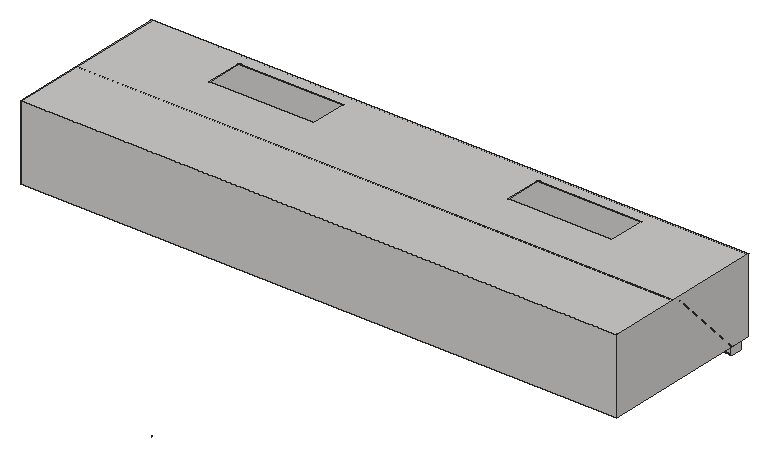
Revit family "QF_ELECTROLUXPROFESSIONAL_642022_EP1140T", category Attrezzature speciali, Revit 2021
Family settings
  Quota connettore circolare = Usa diametro
  Tipo di parte = Normale
  Basato su piano di lavoro = No
  Sempre verticale = Sì
  Taglio con vuoti quando caricato = No
  Condiviso = No
  Punto di calcolo locali = No
Parameters (values of type "Standard")
  Weight = 94.00 kg
  Watts = 0 W
  Volts = 0 V
  URL Manufacturer = "https://www.electroluxprofessional.com/"
  URL = "https://www.electroluxprofessional.com/"
  Steam Supply Size = 0 mm
  Steam Supply Minimum Pressure = 0.0 Pa
  Steam Supply Maximum Pressure = 0.0 Pa
  Steam Consumption per Hour = 0
  Refrigeration Suction Line Size = 0 mm
  Refrigeration Liquid Line Size = 0 mm
  Refrigerant Compressor Remote = yes
  Prospetto di default = 0 mm
  Produttore = "Electrolux Professional"
  Phase = 0
  Modello = "EP1140T"
  Length Actual = 4000 mm  # constant formula
  Item Number = "642022"
  Hot Water Size = 0 mm
  Height Actual = 500 mm  # constant formula
  HP = "0 HP"
  Gas Size = 0 mm
  Gas KW = 0
  Gas Input Pressure = 0 W
  Direct Waste Size = 0 mm
  Descrizione = "304 S/S WALL HOOD+FILTERS 4000X1100MM"
  Depth Actual = 1100 mm  # constant formula
  Cycle = 0 Hz
  Condensate Return Size = 0 mm
  Compressed Air Volume = 0.0 L/s
  Compressed Air Size = 0 mm
  Compressed Air Pressure = 0.0 Pa
  Cold Water Size = 0 mm
  Accessory = yes
Reference planes
  plane 1 "Center (Front/Back)": y = 0
  plane 2: z = 0
  plane 3 "Center (Left/Right)": x = 150
  plane 4 "LEFT": x = -1850
  plane 5 "RIGHT": x = 2150
  plane 6 "BACK": y = 550
  plane 7 "FRONT": y = -550
  plane 8 "TOP": z = 2500
  plane 9 "Base": z = 2000
  plane 10: z = 1926
  plane 11 "DrainY": y = 485
  plane 12: x = -1847
  plane 13: through (0, 414.509, 2000.8) normal (0, 0.7314, 0.682)
  plane 14: y = 470
  plane 15: y = 220
  plane 16 "DrainX": x = 2030
  plane 17: x = -500
  plane 18: x = 800
  plane 19: x = -1200
  plane 20: x = 1500
  plane 21: x = 2147
  plane 22: x = 1940
  plane 23: x = 2120
  plane 24: x = -1810
  plane 25: x = -1445
  plane 26: x = -1050
  plane 27: x = 2110
  plane 28: x = 1745
  plane 29: x = 1350
  plane 30: x = -47.5
  plane 31: x = 347.5
Forms (mm)
  Extrusion 1, solid, material "QF_Finishes_Stainless Steel"
    sketch origin (-1850, 0, 360) x (0, 1, 0) y (0, 0, 1)
      loop
        line (550, 1640) -> (550, 2140) -> (-550, 2140) -> (-550, 1640) -> (550, 1640)
    from 0 to 3
  Extrusion 2, solid, material "QF_Finishes_Stainless Steel"
    sketch origin (150, 0, 360) x (0, 1, 0) y (0, 0, 1)
      loop
        line (415.255, 1640) -> (550, 1640) -> (550, 2139.19) -> (549.2, 2139.19) -> (549.2, 1640.8) -> (415.876, 1640.8) -> (339.347, 1722.867) -> (349.609, 1732.436) -> (348.927, 1733.167) -> (337.934, 1722.917) -> (415.255, 1640)
      loop
        line (-82.203, 2139.19) -> (-82.203, 2118.6) -> (-31.047, 2118.6) -> (34.354, 2048.466) -> (46.028, 2059.352) -> (45.346, 2060.083) -> (34.403, 2049.879) -> (-30.612, 2119.6) -> (-81.203, 2119.6) -> (-81.203, 2139.19) -> (-82.203, 2139.19)
    from -1997 to 1997
  Extrusion 3, solid, material "QF_Finishes_Stainless Steel"
    sketch origin (2150, 0, 360) x (0, 1, 0) y (0, 0, 1)
      loop
        line (550, 1640) -> (550, 2140) -> (-550, 2140) -> (-550, 1640) -> (550, 1640)
    from 0 to -3
  Extrusion 4, solid, material "QF_Finishes_Stainless Steel"
    sketch origin (150, 0, 360) x (0, 1, 0) y (0, 0, 1)
      loop
        line (-550, 2140) -> (-550, 1640) -> (-549.2, 1640) -> (-549.2, 2139.19) -> (550, 2139.19) -> (550, 2140) -> (-550, 2140)
    from -2000 to 2000
  Extrusion 5, solid, material "QF_Finishes_Stainless Steel"
    sketch origin (150, 0, 360) x (0, 1, 0) y (0, 0, 1)
      loop
        line (534, 1640) -> (436, 1640) -> (436, 1627) -> (443.5, 1627) -> (443.5, 1576)
        arc (443.5, 1576) -> (446.429, 1568.929) -> (453.5, 1566) r 10
        line (453.5, 1566) -> (516.5, 1566)
        arc (516.5, 1566) -> (523.571, 1568.929) -> (526.5, 1576) r 10
        line (526.5, 1576) -> (526.5, 1627) -> (534, 1627) -> (534, 1640)
    from 1790 to 1970
  Extrusion 6, solid, material "QF_Finishes_Stainless Steel"
    sketch origin (0, 0, 2000) x (0, 1, 0) y (-1, 0, 0)
      loop
        circle (485, -2030) r 20
    from -76 to -74
  Extrusion 7, solid, material "QF_Finished_Chrome"
    sketch origin (150, 0, 360) x (0, 1, 0) y (0, 0, 1)
      loop
        line (337.934, 1722.917) -> (341.591, 1726.327) -> (38.011, 2051.876) -> (34.354, 2048.466) -> (337.934, 1722.917)
    from -1595 to -1960
  Extrusion 8, solid, material "QF_Finished_Chrome"
    sketch origin (150, 0, 360) x (0, 1, 0) y (0, 0, 1)
      loop
        line (337.934, 1722.917) -> (341.591, 1726.327) -> (38.011, 2051.876) -> (34.354, 2048.466) -> (337.934, 1722.917)
    from -197.5 to -1200
  Extrusion 9, solid, material "QF_Finishes_Stainless Steel"
    sketch origin (150, 0, 360) x (0, 1, 0) y (0, 0, 1)
      loop
        line (337.934, 1722.917) -> (341.591, 1726.327) -> (38.011, 2051.876) -> (34.354, 2048.466) -> (337.934, 1722.917)
    from 1997 to 1960
  Extrusion 10, solid, material "QF_Finishes_Stainless Steel"
    sketch origin (150, 0, 360) x (0, 1, 0) y (0, 0, 1)
      loop
        line (341.588, 1726.324) -> (38.009, 2051.874) -> (34.354, 2048.466) -> (337.934, 1722.917) -> (341.588, 1726.324)
    from -1595 to -1200
  Extrusion 11, solid, material "QF_Finished_Chrome"
    sketch origin (150, 0, 360) x (0, 1, 0) y (0, 0, 1)
      loop
        line (341.588, 1726.324) -> (38.009, 2051.874) -> (34.354, 2048.466) -> (337.934, 1722.917) -> (341.588, 1726.324)
    from 1595 to 1960
  Extrusion 12, void
    sketch origin (0, 0, 2500) x (0, 1, 0) y (-1, 0, 0)
      loop
        line (470, 1200) -> (220, 1200) -> (220, 500) -> (470, 500) -> (470, 1200)
    from 0 to -10
  Extrusion 13, void
    sketch origin (940, 0, 2500) x (0, 1, 0) y (-1, 0, 0)
      loop
        line (470, 140) -> (220, 140) -> (220, -560) -> (470, -560) -> (470, 140)
    from 0 to -10
  Extrusion 14, solid, material "QF_Finishes_Stainless Steel"
    sketch origin (0, 0, 0) x (1, 0, 0) y (0, 1, 0)
      loop
        line (-1850, 550) -> (-1850, 549) -> (-1849, 549) -> (-1849, 550) -> (-1850, 550)
    from 0 to 1
  Extrusion 15, solid, material "QF_Finishes_Stainless Steel"
    sketch origin (150, 0, 360) x (0, 1, 0) y (0, 0, 1)
      loop
        line (337.934, 1722.917) -> (341.591, 1726.327) -> (38.011, 2051.876) -> (34.354, 2048.466) -> (337.934, 1722.917)
    from -1960 to -1997
  Extrusion 16, solid, material "QF_Finishes_Stainless Steel"
    sketch origin (150, 0, 360) x (0, 1, 0) y (0, 0, -1)
      loop
        line (341.588, -1726.324) -> (337.934, -1722.917) -> (34.354, -2048.466) -> (38.009, -2051.874) -> (341.588, -1726.324)
    from -1595 to -1200
  Extrusion 17, solid, material "QF_Finished_Chrome"
    sketch origin (150, 0, 360) x (0, 1, 0) y (0, 0, 1)
      loop
        line (337.934, 1722.917) -> (341.591, 1726.327) -> (38.011, 2051.876) -> (34.354, 2048.466) -> (337.934, 1722.917)
    from 1200 to 197.5
  Extrusion 18, solid, material "QF_Finishes_Stainless Steel"
    sketch origin (150, 0, 360) x (0, 1, 0) y (0, 0, -1)
      loop
        line (341.588, -1726.324) -> (337.934, -1722.917) -> (34.354, -2048.466) -> (38.009, -2051.874) -> (341.588, -1726.324)
    from -197.5 to 197.5
Cuts and joins
  Extrusion 12, Extrusion 13 cuts Extrusion 4
  joined: Extrusion 2, Extrusion 4
Lines and regions (mm)
  reference lines
    curve 1: line (150, 34.354, 2408.466) -> (150, 34.354, 2248.466)
  symbolic lines, style "SpecialityEquipment", detail levels coarse
    curve 2: line (2150, 550, 2500) -> (-1850, 550, 2500)
    curve 3: line (-1850, 550, 2500) -> (-1850, -550, 2500)
    curve 4: line (2150, -550, 2500) -> (2150, 550, 2500)
    curve 5: line (-1850, -550, 2500) -> (2150, -550, 2500)
    curve 6: line (-1200, 220, 2500) -> (-500, 220, 2500)
    curve 7: line (-1200, 470, 2500) -> (-1200, 220, 2500)
    curve 8: line (-500, 470, 2500) -> (-1200, 470, 2500)
    curve 9: line (-500, 220, 2500) -> (-500, 470, 2500)
    curve 10: line (800, 470, 2500) -> (800, 220, 2500)
    curve 11: line (800, 220, 2500) -> (1500, 220, 2500)
    curve 12: line (1500, 470, 2500) -> (800, 470, 2500)
    curve 13: line (1500, 220, 2500) -> (1500, 470, 2500)
    curve 14: line (-1850, 550, 0) -> (2150, -550, 0)
    curve 15: line (2150, 550, 0) -> (-1850, -550, 0)
Dimensions and locks
  plane 4 "LEFT" to plane 5 "RIGHT" = 4000 mm
  equal spacing: plane 4 "LEFT", plane 3 "Center (Left/Right)", plane 5 "RIGHT"
  plane 9 "Base" to plane 10 = 74 mm
  plane 6 "BACK" to plane 11 "DrainY" = 65 mm  (x2)
  plane 4 "LEFT" to plane 12 = 3 mm
  plane 6 "BACK" to plane 14 = 80 mm
  plane 14 to plane 15 = 250 mm  (x2)
  plane 16 "DrainX" to plane 5 "RIGHT" = 120 mm
  locked: plane 17 to plane 18 at 1300
  equal spacing: plane 17, plane 3 "Center (Left/Right)", plane 18
  plane 19 to plane 17 = 700 mm
  plane 18 to plane 20 = 700 mm
  plane 21 to plane 5 "RIGHT" = 3 mm
  locked: plane 22 to plane 16 "DrainX" at 90
  locked: plane 16 "DrainX" to plane 23 at 90
  plane 6 "BACK" to plane 7 "FRONT" = 1100 mm  (x2)
  equal spacing: plane 6 "BACK", plane 1 "Center (Front/Back)", plane 7 "FRONT"
  plane 15 to plane 7 "FRONT" = 770 mm
  plane 14 to plane 6 "BACK" = 80 mm
  locked: plane 4 "LEFT" to plane 24 at 40
  locked: plane 24 to plane 25 at 365
  locked: plane 25 to plane 26 at 395
  locked: plane 27 to plane 28 at 365
  locked: plane 28 to plane 29 at 395
  locked: plane 27 to plane 5 "RIGHT" at 40
  locked: plane 30 to plane 31 at 395
  equal spacing: plane 30, plane 3 "Center (Left/Right)", plane 31
  plane 26 to plane 30 = 1002.5 mm
  plane 31 to plane 29 = 1002.5 mm
  locked: plane 9 "Base" to level at 2000
  locked: plane 8 "TOP" to plane 9 "Base" at 500
  aligned and locked: level to plane 2
  aligned and locked: Extrusion 2 to Extrusion 1
  aligned and locked: Extrusion 2 to Extrusion 3
  aligned and locked: plane 5 "RIGHT" to Extrusion 4
  aligned and locked: Extrusion 4 to plane 4 "LEFT"
  aligned and locked: plane 21 to Extrusion 9
  aligned and locked: plane 19 to Extrusion 12
  aligned and locked: Extrusion 12 to plane 17
  aligned and locked: Extrusion 12 to plane 15
  aligned and locked: Extrusion 12 to plane 14
  aligned and locked: Extrusion 13 to plane 20
  aligned and locked: plane 18 to Extrusion 13
  aligned and locked: Extrusion 2 to Extrusion 4
  aligned and locked: plane 23 to Extrusion 5
  aligned and locked: Extrusion 5 to plane 22
  aligned and locked: Extrusion 9 to plane 27
  aligned and locked: Extrusion 11 to plane 27
  aligned and locked: Extrusion 11 to plane 28
  aligned and locked: Extrusion 8 to plane 26
  aligned and locked: plane 26 to Extrusion 10
  aligned and locked: Extrusion 10 to plane 25
  aligned and locked: plane 25 to Extrusion 7
  aligned and locked: Extrusion 7 to plane 24
  aligned and locked: Extrusion 15 to plane 12
  aligned and locked: plane 24 to Extrusion 15
  aligned and locked: Extrusion 16 to plane 29
  aligned and locked: Extrusion 16 to plane 28
  aligned and locked: Extrusion 3 to plane 21
  aligned and locked: plane 30 to Extrusion 8
  aligned and locked: Extrusion 17 to plane 29
  aligned and locked: Extrusion 17 to plane 31
  aligned and locked: plane 31 to Extrusion 18
  aligned and locked: Extrusion 18 to plane 30
Automatic sketch dimensions
  curve 5 to plane 4 "LEFT" = 0 mm
  curve 5 to plane 7 "FRONT" = 0 mm
  curve 9 to plane 15 = 0 mm
  curve 10 to plane 15 = 0 mm
  plane 14 to curve 8 = 0 mm
  plane 14 to curve 12 = 0 mm
  curve 3 to plane 6 "BACK" = 0 mm
  curve 5 to plane 5 "RIGHT" = 0 mm
  curve 11 to plane 20 = 0 mm
  curve 10 to plane 18 = 0 mm
  curve 6 to plane 17 = 0 mm
  curve 6 to plane 19 = 0 mm
  Extrusion 1 sketch curve to plane 9 "Base" = 0 mm
  Extrusion 1 sketch curve to plane 6 "BACK" = 0 mm
  Extrusion 1 sketch curve to plane 8 "TOP" = 0 mm
  Extrusion 2 sketch curve to plane 13 = 0 mm  (x3)
  Extrusion 2 sketch curve to plane 9 "Base" = 0 mm
  plane 13 to Extrusion 2 sketch curve = 0 mm
  Extrusion 2 sketch curve to plane 6 "BACK" = 0 mm
  Extrusion 2 sketch curve to Extrusion 2 sketch curve = 65.646 mm
  Extrusion 2 sketch curve to Extrusion 2 sketch curve = 0.682 mm  (x2)
  Extrusion 2 sketch curve to Extrusion 2 sketch curve = 10.261 mm
  plane 9 "Base" to Extrusion 2 sketch curve = 82.917 mm
  Extrusion 2 sketch curve to plane 1 "Center (Front/Back)" = 46.028 mm
  Extrusion 2 sketch curve to Extrusion 2 sketch curve = 10.942 mm
  Extrusion 2 sketch curve to Extrusion 2 sketch curve = 0.049 mm
  Extrusion 2 sketch curve to plane 8 "TOP" = 20.4 mm
  Extrusion 2 sketch curve to plane 8 "TOP" = 21.4 mm
  Extrusion 2 sketch curve to plane 8 "TOP" = 0.81 mm  (x2)
  Extrusion 2 sketch curve to Extrusion 2 sketch curve = 50.156 mm
  Extrusion 2 sketch curve to Extrusion 2 sketch curve = 1 mm
  plane 9 "Base" to Extrusion 2 sketch curve = 0.8 mm
  Extrusion 2 sketch curve to plane 6 "BACK" = 0.8 mm
  Extrusion 3 sketch curve to plane 9 "Base" = 0 mm
  Extrusion 3 sketch curve to plane 6 "BACK" = 0 mm
  Extrusion 3 sketch curve to plane 8 "TOP" = 0 mm
  Extrusion 4 sketch curve to plane 7 "FRONT" = 0 mm
  Extrusion 4 sketch curve to plane 6 "BACK" = 0 mm
  Extrusion 4 sketch curve to plane 8 "TOP" = 0 mm
  plane 7 "FRONT" to Extrusion 4 sketch curve = 0.8 mm
  Extrusion 4 sketch curve to plane 8 "TOP" = 0.81 mm
  curve 1 to plane 13 = 0 mm
  curve 1 to plane 1 "Center (Front/Back)" = 34.354 mm
  Extrusion 5 sketch curve to plane 9 "Base" = 0 mm
  Extrusion 5 sketch curve to plane 10 = 0 mm
  Extrusion 5 sketch curve to plane 9 "Base" = 13 mm  (x2)
  plane 14 to Extrusion 5 sketch curve = 34 mm
  Extrusion 5 sketch curve to Extrusion 5 sketch curve = 7.5 mm  (x2)
  Extrusion 5 sketch curve to Extrusion 5 sketch curve = 10 mm
  plane 11 "DrainY" to Extrusion 5 sketch curve = 31.5 mm
  Extrusion 5 sketch curve to plane 6 "BACK" = 23.5 mm
  Extrusion 6 sketch curve to plane 11 "DrainY" = 0 mm
  Extrusion 6 sketch curve to plane 16 "DrainX" = 0 mm
  Extrusion 7 sketch curve to plane 13 = 0 mm  (x2)
  Extrusion 7 sketch curve to plane 1 "Center (Front/Back)" = 34.354 mm
  Extrusion 7 sketch curve to Extrusion 7 sketch curve = 3.657 mm
  plane 9 "Base" to Extrusion 7 sketch curve = 82.917 mm
  Extrusion 8 sketch curve to plane 13 = 0 mm  (x2)
  Extrusion 8 sketch curve to plane 1 "Center (Front/Back)" = 34.354 mm
  Extrusion 8 sketch curve to Extrusion 8 sketch curve = 3.657 mm
  plane 9 "Base" to Extrusion 8 sketch curve = 82.917 mm
  Extrusion 9 sketch curve to plane 13 = 0 mm  (x2)
  Extrusion 9 sketch curve to plane 1 "Center (Front/Back)" = 34.354 mm
  Extrusion 9 sketch curve to Extrusion 9 sketch curve = 3.657 mm
  plane 9 "Base" to Extrusion 9 sketch curve = 82.917 mm
  Extrusion 10 sketch curve to plane 13 = 0 mm  (x2)
  Extrusion 10 sketch curve to plane 1 "Center (Front/Back)" = 34.354 mm
  Extrusion 10 sketch curve to Extrusion 10 sketch curve = 3.655 mm
  plane 9 "Base" to Extrusion 10 sketch curve = 82.917 mm
  Extrusion 11 sketch curve to plane 13 = 0 mm  (x2)
  Extrusion 11 sketch curve to plane 1 "Center (Front/Back)" = 34.354 mm
  Extrusion 11 sketch curve to Extrusion 11 sketch curve = 3.655 mm
  plane 9 "Base" to Extrusion 11 sketch curve = 82.917 mm
  Extrusion 12 sketch curve to plane 15 = 0 mm
  plane 14 to Extrusion 12 sketch curve = 0 mm
  Extrusion 12 sketch curve to plane 17 = 0 mm
  Extrusion 12 sketch curve to plane 19 = 0 mm
  Extrusion 13 sketch curve to plane 15 = 0 mm
  plane 14 to Extrusion 13 sketch curve = 0 mm
  Extrusion 13 sketch curve to plane 20 = 0 mm
  Extrusion 13 sketch curve to plane 18 = 0 mm
  Extrusion 14 sketch curve to plane 4 "LEFT" = 0 mm
  Extrusion 14 sketch curve to plane 6 "BACK" = 0 mm
  plane 4 "LEFT" to Extrusion 14 sketch curve = 1 mm
  Extrusion 14 sketch curve to Extrusion 14 sketch curve = 1 mm
  Extrusion 15 sketch curve to plane 13 = 0 mm  (x2)
  Extrusion 15 sketch curve to plane 1 "Center (Front/Back)" = 34.354 mm
  Extrusion 15 sketch curve to Extrusion 15 sketch curve = 3.657 mm
  plane 9 "Base" to Extrusion 15 sketch curve = 82.917 mm
  Extrusion 16 sketch curve to plane 13 = 0 mm  (x2)
  Extrusion 16 sketch curve to plane 1 "Center (Front/Back)" = 34.354 mm
  Extrusion 16 sketch curve to Extrusion 16 sketch curve = 3.655 mm
  plane 9 "Base" to Extrusion 16 sketch curve = 82.917 mm
  Extrusion 17 sketch curve to plane 13 = 0 mm  (x2)
  Extrusion 17 sketch curve to plane 1 "Center (Front/Back)" = 34.354 mm
  Extrusion 17 sketch curve to Extrusion 17 sketch curve = 3.657 mm
  plane 9 "Base" to Extrusion 17 sketch curve = 82.917 mm
  Extrusion 18 sketch curve to plane 13 = 0 mm  (x2)
  Extrusion 18 sketch curve to plane 1 "Center (Front/Back)" = 34.354 mm
  Extrusion 18 sketch curve to Extrusion 18 sketch curve = 3.655 mm
  plane 9 "Base" to Extrusion 18 sketch curve = 82.917 mm
  Extrusion 4 sketch curve to Extrusion 4 sketch curve = 499.19 mm
  curve 1 to curve 1 = 160 mm
  Extrusion 1 sketch curve to plane 7 "FRONT" = 0 mm
  Extrusion 3 sketch curve to plane 7 "FRONT" = 0 mm
  curve 15 to plane 4 "LEFT" = 0 mm
  curve 14 to plane 4 "LEFT" = 0 mm
  curve 15 to plane 5 "RIGHT" = 0 mm
  curve 14 to plane 5 "RIGHT" = 0 mm
  curve 14 to plane 7 "FRONT" = 0 mm
  curve 15 to plane 7 "FRONT" = 0 mm
  curve 15 to plane 6 "BACK" = 0 mm
  curve 14 to plane 6 "BACK" = 0 mm
  radius of Extrusion 6 sketch curve = 20 mm
Connectors
  piping at (2030, 485, 1924), diameter 20
    settings: on Extrusion 6, index 1, connector inside diameter 609.6 mm, connector length 0 mm, flow factor 0, pipe flow 0.0 L/s, pressure drop 0.0 Pa, fitting loss kfactor 0, connector angle 0.00°, fixture units 0, engagement length 0 mm, angle of deflection 0.00°, flow configuration 1, flow direction 2, fitting loss method 0, system type 16, joint type 0, gender type 0, connector reference index -1, connector utility 0, adjustable connector no, is connector primary yes, connector description "Drain"
  hvac at (-850, 345, 2500)
    settings: on Extrusion 12, index 2, duct flow 0.0 L/s, flow factor 0, pres drop 0.0 Pa, loss coef 0, conn angle 0.00°, conn width 250 mm, conn height 700 mm, conn diameter 609.6 mm, duct sys type 3, conn prof type 1, flow config 1, flow direction 0, loss method 0, conn ref index -1, conn util no, is conn primary yes, conn desc "EXHAUST OUTLET"
  hvac at (1150, 345, 2500)
    settings: on Extrusion 13, index 3, duct flow 0.0 L/s, flow factor 0, pres drop 0.0 Pa, loss coef 0, conn angle 0.00°, conn width 250 mm, conn height 700 mm, conn diameter 609.6 mm, duct sys type 3, conn prof type 1, flow config 1, flow direction 0, loss method 0, conn ref index -1, conn util no, is conn primary no, conn desc "EXHAUST OUTLET"
